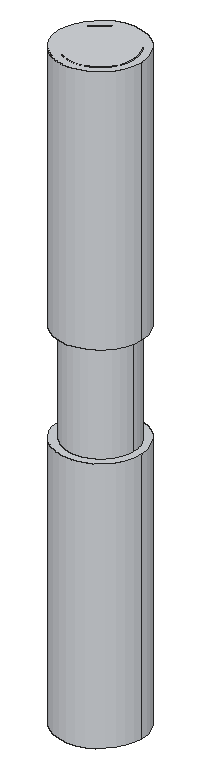
Revit family "Gewindestift M10 links rechts", category HLS-Bauteile, Revit 2017
Family settings
  Bemaßung runder Anschluss = Durchmesser verwenden
  Teiletyp = Normal
  Arbeitsebenenbasiert = Ja
  Immer vertikal = Nein
  Beim Laden mit Abzugskörper schneiden = Nein
  Gemeinsam genutzt = Ja
  Raumberechnungspunkt = Nein
Parameters (values of type "Gewindestift L/R M10")
  vpe = "10"
  Default Elevation = 1219.2 mm
  Regelhalter [instance] = ""
  Oberflaeche = "galvanisch verzinkt"
  Mengeneinheit = "St"
  Material = "Stahl"
  Länge Gewinde 2 = "25 mm"
  Länge Gewinde 1 = "25 mm"
  Länge = 60 mm
  L3 = 4.1 mm
  L2 = 4.1 mm
  L = 60 mm
  Kurztext2 = "M10 x 60 mm gvz FK 4.6"
  Kurztext1 = "Gewindestift links-rechts"
  Gewinde = "M10"
  Gewicht pro Bauteil = Gewicht  # 0.0212 kg
  Gewicht = 0.0212 kg
  Firma = "MEFA Befestigungs- und Montagesysteme GmbH"
  Festigkeitsklasse = "4.6"
  Fabrikat = "MEFA"
  EAN = "4250928459275"
  D = 6.6 mm
  Artikelnummer = "08120770"
Reference planes
  plane 1 "Mitte (Vorne/hinten)": y = 0
  plane 2: z = 0
  plane 3 "Mitte (Links/rechts)": x = 0
  plane 4: z = 60
Forms (mm)
  Extrusion 1, solid
    sketch origin (0, 0, 0) x (1, 0, 0) y (0, 1, 0)
      loop
        circle (0, 0) r 3.3
    from 0 to 60
  Extrusion 2, solid
    sketch origin (0, 0, 0) x (1, 0, 0) y (0, 1, 0)
      loop
        circle (0, 0) r 4.1
    from 0 to 25.269
  Extrusion 3, solid
    sketch origin (0, 0, 60) x (1, 0, 0) y (0, 1, 0)
      loop
        circle (0, 0) r 4.1
    from -24.656 to 0
Lines and regions (mm)
  model lines, not visible
    curve 1: line (12.5, 0, 60) -> (-12.5, 0, 60)
    curve 2: line (0, 12.5, 60) -> (0, -12.5, 60)
    curve 3: line (0, 12.5, 0) -> (0, -12.5, 0)
    curve 4: line (12.5, 0, 0) -> (-12.5, 0, 0)
    curve 5: line (0, 0, 70.037) -> (0, 0, -9.963)
Dimensions and locks
  "L": level to plane 4
  Extrusion 3 to Extrusion 3 = 24.656 mm
  "D": diameter of Extrusion 1 sketch curve
  "L2": radius of Extrusion 2 sketch curve
  "L3": radius of Extrusion 3 sketch curve
  aligned and locked: level to plane 2
  aligned and locked: Extrusion 1 to level
  aligned and locked: Extrusion 1 to curve 1
  aligned and locked: plane 4 to Extrusion 1
  aligned and locked: curve 2 to plane 4
  aligned and locked: curve 3 to level
  aligned and locked: plane 3 "Mitte (Links/rechts)" to curve 5
  aligned and locked: curve 5 to plane 1 "Mitte (Vorne/hinten)"
Automatic sketch dimensions
  plane 1 "Mitte (Vorne/hinten)" to curve 2 = 12.5 mm
  plane 1 "Mitte (Vorne/hinten)" to curve 3 = 12.5 mm
  curve 3 to plane 1 "Mitte (Vorne/hinten)" = 12.5 mm
  curve 2 to plane 1 "Mitte (Vorne/hinten)" = 12.5 mm
  curve 4 to plane 3 "Mitte (Links/rechts)" = 12.5 mm
  curve 1 to plane 3 "Mitte (Links/rechts)" = 12.5 mm
  plane 3 "Mitte (Links/rechts)" to curve 4 = 12.5 mm
  plane 3 "Mitte (Links/rechts)" to curve 1 = 12.5 mm
  curve 5 to level = 9.963 mm
  plane 4 to curve 5 = 10.037 mm
  curve 4 to level = 0 mm
  plane 1 "Mitte (Vorne/hinten)" to Extrusion 1 sketch curve = 0 mm
  Extrusion 1 sketch curve to plane 3 "Mitte (Links/rechts)" = 0 mm
  plane 1 "Mitte (Vorne/hinten)" to Extrusion 2 sketch curve = 0 mm
  Extrusion 2 sketch curve to plane 3 "Mitte (Links/rechts)" = 0 mm
